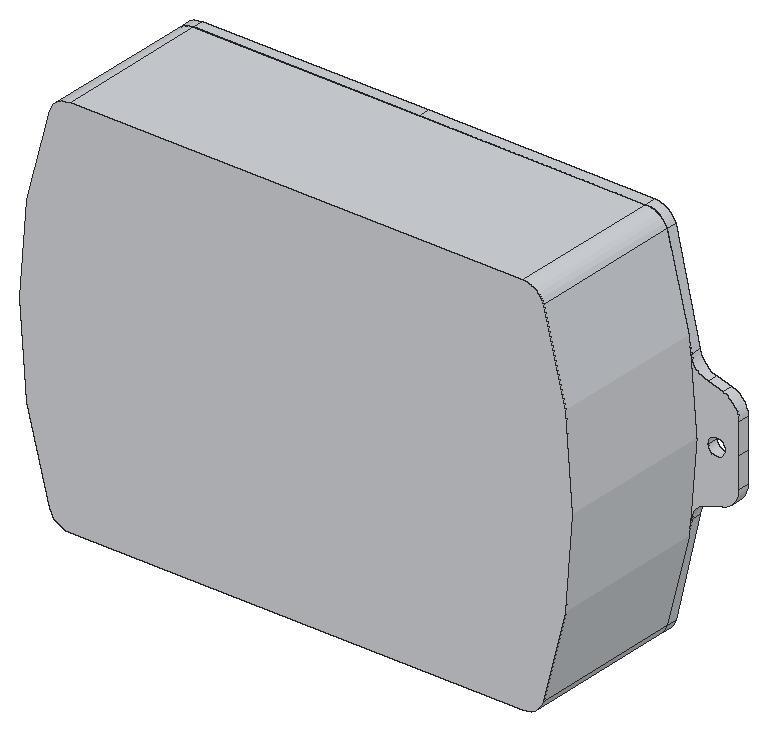
Revit family "CVC", category Mechanical Equipment, Revit 2015
Parameters
  URL = "https://www.willoughby-ind.com/wp-content/uploads/2018/01/WMSII.pdf"
  Revision = "A"
  Model = "CVC"
  Manufacturer = "Willoughby Industries"
  Description = "Electronic Cell Valve Control"
  Contact Info = "(800) 428-4065"
Reference planes (in)
  plane 1 "Center (Front/Back)": y = 0
  plane 2: z = 0
  plane 3 "Center (Left/Right)": x = 0
Forms (in)
  Extrusion 1, solid
    sketch origin (0, 0, -18.125) x (1, 0, 0) y (0, 0, 1)
      loop
        line (3.625, 20.3125) -> (3.625, 20.65862)
        arc (3.625, 20.65862) -> (3.57334, 20.81081) -> (3.4397, 20.9001) r 0.25
        line (3.4397, 20.9001) -> (3.26734, 20.94629)
        arc (3.26734, 20.94629) -> (3.14452, 21.02243) -> (3.08436, 21.15383) r 0.25
        arc (3.08436, 21.15383) -> (2.97281, 21.74951) -> (2.80361, 22.33145) r 6.19659
        arc (2.80361, 22.33145) -> (2.7124, 22.45355) -> (2.56725, 22.5) r 0.25
        line (2.56725, 22.5) -> (0, 22.5) -> (-2.56725, 22.5)
        arc (-2.56725, 22.5) -> (-2.7124, 22.45355) -> (-2.80361, 22.33145) r 0.25
        arc (-2.80361, 22.33145) -> (-2.97281, 21.74951) -> (-3.08436, 21.15383) r 6.19659
        arc (-3.08436, 21.15383) -> (-3.14452, 21.02243) -> (-3.26734, 20.94629) r 0.25
        line (-3.26734, 20.94629) -> (-3.4397, 20.9001)
        arc (-3.4397, 20.9001) -> (-3.57334, 20.81081) -> (-3.625, 20.65862) r 0.25
        line (-3.625, 20.65862) -> (-3.625, 20.3125) -> (-3.625, 19.96638)
        arc (-3.625, 19.96638) -> (-3.57334, 19.81419) -> (-3.4397, 19.7249) r 0.25
        line (-3.4397, 19.7249) -> (-3.26734, 19.67871)
        arc (-3.26734, 19.67871) -> (-3.14452, 19.60257) -> (-3.08436, 19.47117) r 0.25
        arc (-3.08436, 19.47117) -> (-2.97281, 18.87549) -> (-2.80361, 18.29355) r 6.19659
        arc (-2.80361, 18.29355) -> (-2.7124, 18.17145) -> (-2.56725, 18.125) r 0.25
        line (-2.56725, 18.125) -> (0, 18.125) -> (2.56725, 18.125)
        arc (2.56725, 18.125) -> (2.7124, 18.17145) -> (2.80361, 18.29355) r 0.25
        arc (2.80361, 18.29355) -> (2.97281, 18.87549) -> (3.08436, 19.47117) r 6.19659
        arc (3.08436, 19.47117) -> (3.14452, 19.60257) -> (3.26734, 19.67871) r 0.25
        line (3.26734, 19.67871) -> (3.4397, 19.7249)
        arc (3.4397, 19.7249) -> (3.57334, 19.81419) -> (3.625, 19.96638) r 0.25
        line (3.625, 19.96638) -> (3.625, 20.3125)
    from 0 to 0.125
  Extrusion 2, solid
    sketch origin (0, 0, -18.125) x (1, 0, 0) y (0, 0, 1)
      loop
        arc (-2.56725, 22.5) -> (-2.7124, 22.45355) -> (-2.80361, 22.33145) r 0.25
        arc (-2.80361, 22.33145) -> (-3.14174, 20.3125) -> (-2.80361, 18.29355) r 6.19659
        arc (-2.80361, 18.29355) -> (-2.7124, 18.17145) -> (-2.56725, 18.125) r 0.25
        line (-2.56725, 18.125) -> (2.56725, 18.125)
        arc (2.56725, 18.125) -> (2.7124, 18.17145) -> (2.80361, 18.29355) r 0.25
        arc (2.80361, 18.29355) -> (3.14174, 20.3125) -> (2.80361, 22.33145) r 6.19659
        arc (2.80361, 22.33145) -> (2.7124, 22.45355) -> (2.56725, 22.5) r 0.25
        line (2.56725, 22.5) -> (-2.56725, 22.5)
    from 0.125 to 1.875
  Extrusion 3, solid
    sketch origin (0, 0, -18.125) x (1, 0, 0) y (0, 1, 0)
      loop
        circle (-1.987, -0.75) r 0.3
      loop
        circle (-0.987, -0.75) r 0.3
    from 17.89453 to 18.125
  Extrusion 4, void
    sketch origin (0, 0, 0) x (1, 0, 0) y (0, 0, 1)
      loop
        circle (-3.375, 2.1875) r 0.1
      loop
        circle (3.375, 2.1875) r 0.1
    from 0 to 0.125
  Extrusion 5, void
    sketch origin (0, 0, 0) x (1, 0, 0) y (0, 1, 0)
      loop
        line (-0.1, -0.9) -> (0.1, -0.9)
        arc (0.1, -0.9) -> (0.15, -0.85) -> (0.1, -0.8) r 0.05
        line (0.1, -0.8) -> (-0.1, -0.8)
        arc (-0.1, -0.8) -> (-0.15, -0.85) -> (-0.1, -0.9) r 0.05
      loop
        circle (1.775, -0.5) r 0.15
      loop
        circle (0.625, -0.5) r 0.15
      loop
        circle (1.2, -0.45) r 0.1
    from 0 to 1
Cuts and joins
  Extrusion 4 cuts Extrusion 1
  Extrusion 5 cuts Extrusion 2
Dimensions and locks (in)
  aligned and locked: level to plane 2
  aligned and locked: Extrusion 3 to Extrusion 1
